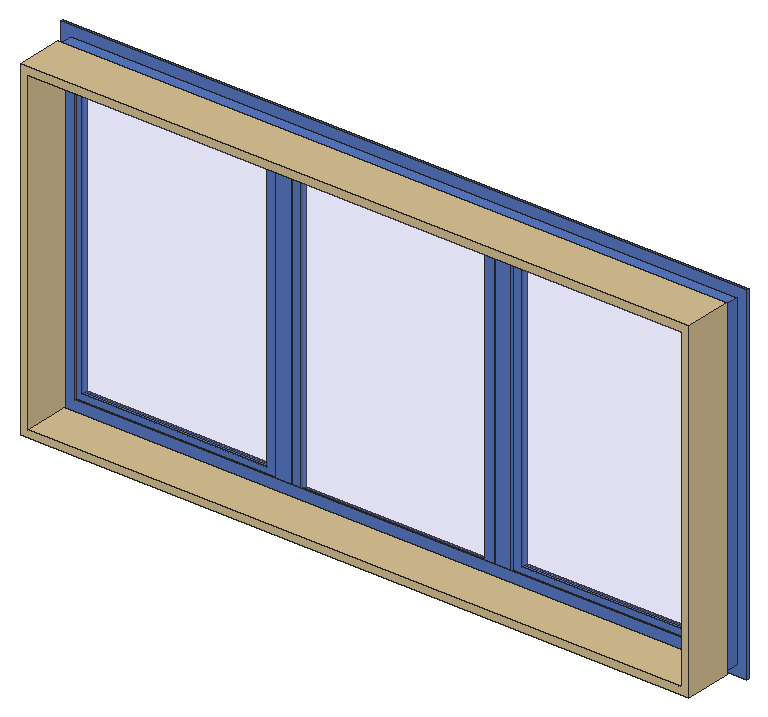
Revit family
Parameters (values of type "Variable")
  WinthinWall [instance] = 20 mm
  SashWidth = 600 mm
  Rough Width = 1850 mm
  Packer = 25 mm
  Operation = "TriplePanelVertical"
  Keynote = "45-23-010"
  Height [instance] = 900 mm
  Default Sill Height [instance] = 1000 mm
  Wall Closure = (empty or 0)
  Width [instance] = 1800 mm
Reference planes
  plane 1: y = 0
  plane 2 "Center (Left/Right)": x = -10.949
  plane 3 "Left": x = -910.949
  plane 4 "Right": x = 889.051
  plane 5 "Sill": z = 1000
  plane 6 "Head": z = 1900
  plane 7 "Exterior": y = 75
  plane 8 "Interior": y = -75
  plane 9 "GlassLine": y = 55
  plane 10: y = -90
  plane 11: z = 1750
  plane 12: z = 1000
  plane 13: x = 289.051
  plane 14: x = 589.051
  plane 15: x = -310.949
  plane 16: x = -610.949
  plane 17: x = -935.949
  plane 18: x = 914.051
Forms (mm)
  Sweep 1, solid
    path origin (0, 55, 0) x (1, 0, 0) y (0, 0, 1)
      loop
        line (889.051, 1000) -> (889.051, 1900) -> (-910.949, 1900) -> (-910.949, 1000) -> (889.051, 1000)
    profile origin (-10.949, 0, 0) x (0, 0, -1) y (0, -1, 0)
      loop
        line (-1010, -75) -> (-1010, -35) -> (-1050, -35) -> (-1050, -39.838) -> (-1020.362, -39.838) -> (-1020.362, -75) -> (-1015.033, -75) -> (-1015.033, -79.773) -> (-982.319, -79.773) -> (-982.319, -75) -> (-1010, -75)
  Sweep 2, solid, detail levels medium+fine
    path origin (0, 55, 0) x (1, 0, 0) y (0, 0, 1)
      loop
        line (889.051, 1000) -> (889.051, 1900) -> (-910.949, 1900) -> (-910.949, 1000) -> (889.051, 1000)
    profile origin (-10.949, 0, 0) x (0, 0, -1) y (0, -1, 0)
      loop
        line (-1005, -35.674) -> (-1005, 90) -> (-1024.003, 90) -> (-1024.003, -35.674) -> (-1005, -35.674)
  Extrusion 3, solid, detail levels medium+fine
    sketch origin (0, 55, 0) x (1, 0, 0) y (0, 0, 1)
      loop
        line (824.102, 1064.897) -> (824.102, 1835.052) -> (328.999, 1835.052) -> (328.999, 1064.897) -> (824.102, 1064.897)
    from 0 to 5
  Sweep 4, solid, detail levels medium+fine
    path origin (0, 55, 0) x (1, 0, 0) y (0, 0, 1)
      loop
        line (864.051, 1024.948) -> (864.051, 1875) -> (289.051, 1875) -> (289.051, 1024.948) -> (864.051, 1024.948)
    profile origin (576.551, 0, 0) x (0, 0, -1) y (0, -1, 0)
      loop
        line (-1024.948, -44.297) -> (-1064.897, -44.297) -> (-1064.897, -61.375) -> (-1046.498, -79.773) -> (-1030.204, -79.773) -> (-1030.204, -84.961) -> (-994.943, -84.961) -> (-994.943, -79.773) -> (-1024.948, -79.773) -> (-1024.948, -44.297)
  Sweep 5, solid, detail levels medium+fine
    path origin (0, 55, 0) x (1, 0, 0) y (0, 0, 1)
      loop
        line (259.045, 1020.362) -> (259.045, 1879.638) -> (-282.955, 1879.638) -> (-282.955, 1020.362) -> (259.045, 1020.362)
    profile origin (-11.955, 0, 0) x (0, 0, -1) y (0, -1, 0)
      loop
        line (-1020.362, -75) -> (-1020.362, -39.838) -> (-1045.039, -39.838) -> (-1045.039, -55) -> (-1025.564, -75) -> (-1020.362, -75)
  Extrusion 6, solid, detail levels medium+fine
    sketch origin (0, 55, 0) x (1, 0, 0) y (0, 0, 1)
      loop
        line (234.368, 1045.039) -> (234.368, 1854.961) -> (-258.278, 1854.961) -> (-258.278, 1045.039) -> (234.368, 1045.039)
    from 5 to 10
  Sweep 7, solid
    path origin (0, 55, 0) x (1, 0, 0) y (0, 0, 1)
      loop
        line (289.051, 1019.638) -> (289.051, 1879.638)
    profile origin (0, 0, 1449.638) x (-1, 0, 0) y (0, -1, 0)
      loop
        line (-259.045, -45) -> (-259.045, -39.838) -> (-304.142, -39.838) -> (-304.142, -45) -> (-293.298, -45) -> (-293.298, -75) -> (-284.8, -75) -> (-284.8, -45) -> (-259.045, -45)
  Sweep 8, solid, detail levels medium+fine
    path origin (-1177.011, 30.07, 0) x (1, 0, 0) y (0, 0, 1)
      loop
        line (864.051, 1024.948) -> (864.051, 1875) -> (289.051, 1875) -> (289.051, 1024.948) -> (864.051, 1024.948)
    profile origin (-600.46, 0, 0) x (0, 0, -1) y (0, -1, 0)
      loop
        line (-1024.948, -45) -> (-1064.897, -45) -> (-1064.897, -61.445) -> (-1046.498, -79.843) -> (-1030.204, -79.843) -> (-1030.204, -85.031) -> (-994.943, -85.031) -> (-994.943, -79.843) -> (-1024.948, -79.843) -> (-1024.948, -45)
  Extrusion 9, solid, detail levels medium+fine
    sketch origin (-1200, 55, 0) x (1, 0, 0) y (0, 0, 1)
      loop
        line (847.091, 1064.897) -> (847.091, 1835.052) -> (351.988, 1835.052) -> (351.988, 1064.897) -> (847.091, 1064.897)
    from 0 to 5
  Sweep 10, solid
    path origin (-23.026, 31.251, 0) x (-1, 0, 0) y (0, 0, -1)
      loop
        line (289.051, -1019.638) -> (289.051, -1879.638)
    profile origin (-21.899, 0, 1449.638) x (0, -1, 0) y (1, 0, 0)
      loop
        line (-45.323, -260.172) -> (-45.323, -285.927) -> (-75.323, -285.927) -> (-75.323, -294.425) -> (-45.323, -294.425) -> (-45.323, -305.268) -> (-39.838, -305.268) -> (-39.838, -260.172) -> (-45.323, -260.172)
Lines and regions (mm)
  Opening 1
    outline origin (3582.473, -75, 0) x (1, 0, 0) y (0, 0, 1)
      loop
        line (-2693.423, 1000) -> (-2693.423, 1900) -> (-4493.423, 1900) -> (-4493.423, 1000) -> (-2693.423, 1000)
  symbolic lines, style "Elevation Swing"
    curve 1: line (842.501, 0, 1046.498) -> (589.051, 0, 1750)
    curve 2: line (310.6, 0, 1046.498) -> (589.051, 0, 1750)
    curve 3: line (-334.51, 0, 1046.498) -> (-610.949, 0, 1750)
    curve 4: line (-866.411, 0, 1046.498) -> (-610.949, 0, 1750)
Text (mm)
  text "EXTERIOR" at (-1963.203, 1332.353, 0), in view "Ref. Level"
  text "INTERIOR" at (-1981.466, -818.386, 0), in view "Ref. Level"
  text "Exterior" at (0, 923.751, 2943.296), in view "Right"
  text "Exterior" at (0, 1040.484, 2685.409), in view "Left"
Dimensions and locks
  equal spacing: plane 3 "Left", plane 2 "Center (Left/Right)", plane 4 "Right"
  "Width": plane 3 "Left" to plane 4 "Right"
  "Height": plane 5 "Sill" to plane 6 "Head"
  plane 5 "Sill" to level = 1000 mm
  locked: plane 7 "Exterior" to host wall at 0
  locked: plane 8 "Interior" to host wall
  "WinthinWall": plane 9 "GlassLine" to plane 7 "Exterior"
  locked: plane 10 to plane 8 "Interior" at 15
  locked: plane 11 to plane 6 "Head" at 150
  "SashWidth": plane 13 to plane 4 "Right"
  equal spacing: plane 13, plane 14, plane 4 "Right"
  "SashWidth": plane 15 to plane 3 "Left"
  equal spacing: plane 15, plane 16, plane 3 "Left"
  "Default Sill Height": plane 12 to level
  locked: Extrusion 9 to Extrusion 9 at 5
  "Packer": plane 17 to plane 3 "Left"
  "Packer": plane 4 "Right" to plane 18
  aligned and locked: Sweep 1 sketch curve to host wall  (x2)
  aligned and locked: host wall to Sweep 1 sketch curve
  aligned and locked: plane 6 "Head" to Sweep 2 sketch curve
  aligned and locked: plane 10 to Sweep 2 sketch curve
  aligned and locked: profile plane to Sweep 4 sketch curve
  aligned and locked: Sweep 1 to Sweep 4 sketch curve  (x2)
  aligned and locked: Extrusion 3 sketch curve to Sweep 4  (x4)
  aligned and locked: plane 13 to Sweep 4 sketch curve
  aligned and locked: plane 11 to curve 1
  aligned and locked: Sweep 1 sketch curve to plane 3 "Left"
  aligned and locked: Sweep 4 to Sweep 5 sketch curve
  aligned and locked: plane 9 "GlassLine" to Sweep 5 sketch curve
  aligned and locked: Sweep 1 to Sweep 5 sketch curve
  aligned and locked: Extrusion 6 sketch curve to Sweep 5  (x3)
  aligned and locked: Sweep 7 sketch curve to Sweep 1
  aligned and locked: plane 13 to Sweep 7 sketch curve
  aligned and locked: plane 12 to plane 5 "Sill"
  aligned and locked: profile plane to Sweep 8 sketch curve
  aligned and locked: Sweep 8 to Sweep 5 sketch curve
  aligned and locked: Extrusion 6 to Sweep 5
  aligned and locked: Sweep 8 to curve 3
  aligned and locked: curve 4 to Sweep 8
  aligned and locked: Sweep 4 to curve 1
  aligned and locked: curve 2 to Sweep 4
  aligned and locked: Extrusion 9 to plane 9 "GlassLine"
  aligned and locked: Sweep 8 sketch curve to Sweep 7
  aligned and locked: Sweep 10 sketch curve to Sweep 1
  aligned and locked: Extrusion 9 to Sweep 8  (x2)
Automatic sketch dimensions
  Opening 1 sketch curve to plane 3 "Left" = 0 mm
  Opening 1 sketch curve to plane 4 "Right" = 0 mm
  Opening 1 sketch curve to plane 5 "Sill" = 0 mm
  Opening 1 sketch curve to plane 6 "Head" = 0 mm
  Sweep 2 sketch curve to plane 3 "Left" = 0 mm
  Sweep 2 sketch curve to plane 4 "Right" = 0 mm
  Sweep 2 sketch curve to plane 5 "Sill" = 0 mm
  profile plane to Sweep 2 sketch curve = 24.003 mm
  profile plane to Sweep 2 sketch curve = 5 mm
  plane 9 "GlassLine" to Sweep 2 sketch curve = 19.326 mm
  plane 9 "GlassLine" to Sweep 1 sketch curve = 20 mm
  profile plane to Sweep 1 sketch curve = 50 mm
  profile plane to Sweep 1 sketch curve = 20.362 mm
  Sweep 1 sketch curve to Sweep 1 sketch curve = 5.328 mm
  profile plane to Sweep 1 sketch curve = 10 mm
  Sweep 1 sketch curve to profile plane = 17.681 mm
  Sweep 1 sketch curve to Sweep 1 sketch curve = 4.838 mm
  Sweep 1 sketch curve to plane 9 "GlassLine" = 20 mm
  Sweep 1 sketch curve to Sweep 1 sketch curve = 0 mm
  Sweep 1 sketch curve to Sweep 1 sketch curve = 4.773 mm
  profile plane to Sweep 4 sketch curve = 5.256 mm
  Sweep 4 sketch curve to Sweep 4 sketch curve = 16.294 mm
  Sweep 4 sketch curve to plane 9 "GlassLine" = 6.375 mm
  Sweep 4 sketch curve to Sweep 4 sketch curve = 18.399 mm
  Sweep 4 sketch curve to Sweep 4 sketch curve = 5.188 mm
  plane 9 "GlassLine" to Sweep 4 sketch curve = 10.703 mm
  Sweep 4 sketch curve to profile plane = 30.005 mm
  Sweep 5 sketch curve to Sweep 5 sketch curve = 5.202 mm
  Sweep 5 sketch curve to Sweep 5 sketch curve = 24.677 mm
  Sweep 5 sketch curve to plane 9 "GlassLine" = 20 mm
  profile plane to Sweep 7 sketch curve = 15.091 mm
  profile plane to Sweep 7 sketch curve = 4.248 mm
  Sweep 7 sketch curve to profile plane = 4.25 mm
  plane 9 "GlassLine" to Sweep 7 sketch curve = 10 mm
  Sweep 7 sketch curve to Sweep 7 sketch curve = 25.755 mm
  Sweep 7 sketch curve to plane 9 "GlassLine" = 20 mm
  Sweep 7 sketch curve to Sweep 7 sketch curve = 0 mm
  Sweep 7 sketch curve to Sweep 7 sketch curve = 5.162 mm
  Sweep 5 sketch curve to profile plane = 0 mm
  plane 4 "Right" to Sweep 4 sketch curve = 25 mm
  Sweep 4 sketch curve to plane 5 "Sill" = 24.948 mm
  plane 6 "Head" to Sweep 4 sketch curve = 25 mm
  Sweep 7 sketch curve to plane 5 "Sill" = 19.638 mm
  Extrusion 6 sketch curve to plane 2 "Center (Left/Right)" = 247.328 mm
  Sweep 8 sketch curve to plane 3 "Left" = 22.989 mm
  Sweep 8 sketch curve to plane 15 = 2.011 mm
  Sweep 8 sketch curve to plane 5 "Sill" = 24.948 mm
  plane 6 "Head" to Sweep 8 sketch curve = 25 mm
  profile plane to Sweep 8 sketch curve = 5.256 mm
  Sweep 8 sketch curve to Sweep 8 sketch curve = 16.294 mm
  Sweep 8 sketch curve to Sweep 8 sketch curve = 18.399 mm  (x2)
  Sweep 8 sketch curve to profile plane = 30.005 mm
  Sweep 8 sketch curve to Sweep 8 sketch curve = 5.188 mm
  Sweep 8 sketch curve to Sweep 8 sketch curve = 0 mm
  Sweep 8 sketch curve to Sweep 8 sketch curve = 16.445 mm
  Extrusion 9 sketch curve to plane 3 "Left" = 62.938 mm
  Extrusion 9 sketch curve to plane 15 = 41.959 mm
  Extrusion 9 sketch curve to plane 5 "Sill" = 64.897 mm
  plane 6 "Head" to Extrusion 9 sketch curve = 64.948 mm
  Sweep 5 sketch curve to plane 5 "Sill" = 20.362 mm
  plane 6 "Head" to Sweep 5 sketch curve = 20.362 mm
  Sweep 10 sketch curve to plane 15 = 1.127 mm
  plane 6 "Head" to Sweep 10 sketch curve = 20.362 mm
  Sweep 10 sketch curve to plane 5 "Sill" = 19.638 mm
  curve 3 to plane 11 = 0 mm
  curve 3 to plane 16 = 0 mm
  curve 2 to plane 14 = 0 mm
  curve 3 to plane 5 "Sill" = 46.498 mm
  curve 4 to plane 5 "Sill" = 46.498 mm
  curve 2 to plane 5 "Sill" = 46.498 mm
  curve 1 to plane 5 "Sill" = 46.498 mm
  Sweep 10 sketch curve to profile plane = 4.248 mm
  profile plane to Sweep 10 sketch curve = 4.25 mm
  Sweep 10 sketch curve to Sweep 10 sketch curve = 30 mm
  Sweep 10 sketch curve to Sweep 10 sketch curve = 0 mm
  Sweep 10 sketch curve to Sweep 10 sketch curve = 5.485 mm
  Sweep 10 sketch curve to Sweep 10 sketch curve = 10.843 mm
  Sweep 10 sketch curve to Sweep 10 sketch curve = 25.755 mm
